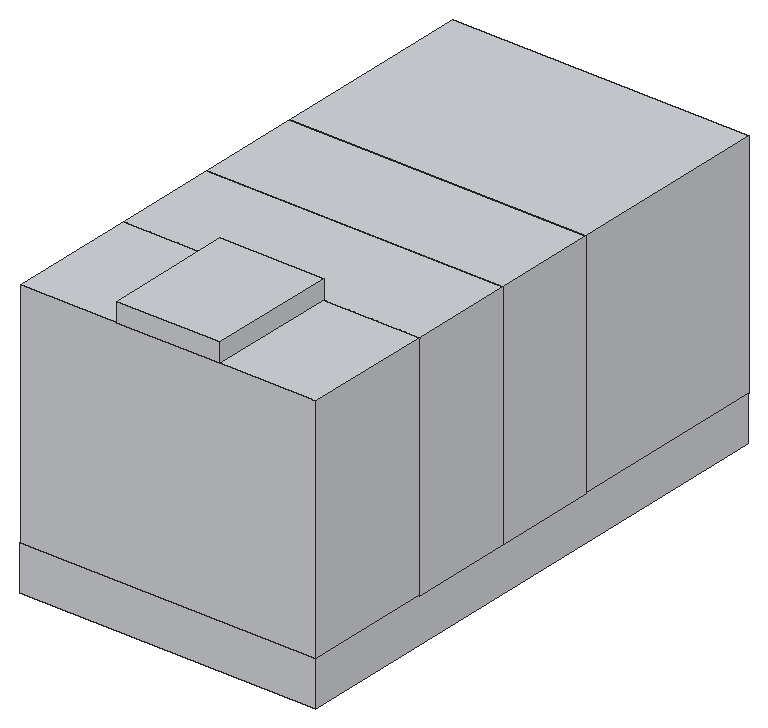
Revit family "AHU Empacotado - HDT", category Equipamento mecânico, Revit 2019
Family settings
  Cota do conector redondo = Usar raio
  Tipo de parte = Normal
  ID de item do Seek = AHU Mixing Box - Economizer-0000-CAN-ENU
  Com base no plano de trabalho = Não
  Sempre na vertical = Sim
  Corte com vazios quando carregada = Não
  Compartilhado = Não
  Ponto de cálculo do ambiente = Não
Parameters (values of type "Padrão")
  Raio da água [instance] = 12.5 mm
  Queda de pressão da água [instance] = 0.0 Pa
  Fluxo da água [instance] = 0.0 L/s
  Diâmetro da água [instance] = Raio da água * 2  # 25 mm
  Altura da conexão de água 2 = Altura da unidade - 100 mm  # 645 mm
  Altura da conexão de água 1 = Altura base + 100 mm  # 220 mm
  Deslocamento 'x' da conexão de água = 100 mm
  Voltagem = 230 V
  Largura de saída do ar de fornecimento = 400 mm
  Altura de saída do ar de fornecimento = 300 mm
  Fluxo de saída do ar de fornecimento [instance] = 850.0 L/s
  Largura da saída do ar de retorno = 280 mm
  Altura da saída do ar de retorno = 350 mm
  Fluxo da saída do ar de retorno [instance] = 680.0 L/s
  Fator de potência = 1
  Deslocamento da largura da torneira = 115 mm
  Deslocamento da altura de saída = 282.661 mm
  Número de pólos = 1
  Classificação de carga = Refrigeração
  Largura da entrada de ar fresco = 500 mm
  Altura da entrada de ar fresco = 500 mm
  Fluxo da entrada de ar fresco [instance] = 170.0 L/s
  Comprimento da caixa de mistura = 350 mm
  Material da caixa de mistura = none
  Largura da unidade = 800 mm
  Altura da unidade = 745 mm
  Comprimento do filtro = 280 mm
  Comprimento do ventilador = 550 mm
  Raio da drenagem [instance] = 11 mm
  Fluxo da drenagem [instance] = 0.0 L/s
  Diâmetro da drenagem [instance] = Raio da drenagem * 2  # 22 mm
  Comprimento da serpentina = 280 mm
  Material base = none
  Altura base = 120 mm
  Carga aparente = 16000 VA
  Queda de pressão do ar [instance] = 187.0 Pa
Reference planes
  plane 1 "Parte frontal": y = 0
  plane 2 "Inferior": z = 0
  plane 3 "Centro (direita/esquerda)": x = 0
  plane 4 "Traseira da caixa de mistura": y = 350
  plane 5 "Esquerda": x = -400
  plane 6 "Direita": x = 400
  plane 7 "Superior": z = 745
  plane 8: y = 350
  plane 9: x = -140
  plane 10: x = 140
  plane 11: y = 0
  plane 12 "Torneira de retorno de ar": z = 795.8
  plane 13 "Base": z = 120
  plane 14 "Traseira do saco de filtro": y = 630
  plane 15 "Traseira da serpentina de resfriamento": y = 910
  plane 16: y = 770
  plane 17 "Água mecânica 1": z = 220
  plane 18 "Água mecânica 2": z = 645
  plane 19 "Serpentina de água 2": y = 820
  plane 20 "Serpentina de água 1": y = 720
  plane 21 "Conexões da serpentina": x = -425
  plane 22 "Parte posterior": y = 1460
  plane 23: z = 282.661
  plane 24: z = 582.661
  plane 25: x = 285
  plane 26: x = -115
  plane 27 "Torneira de saída": y = 1485
  plane 28 "Conector elétrico": y = 1185
  plane 29 "Centro (Frente/Trás)": y = 730
Forms (mm)
  Extrusion 1, solid, material <- "Material da caixa de mistura"
    sketch origin (0, 0, 0) x (1, 0, 0) y (0, 1, 0)
      loop
        line (-400, 350) -> (-400, 0) -> (400, 0) -> (400, 350) -> (-400, 350)
    from 120 to 745
  Extrusion 2, solid, material <- "Material da caixa de mistura"
    sketch origin (0, 0, 0) x (1, 0, 0) y (0, 1, 0)
      loop
        line (-140, 350) -> (-140, 0) -> (140, 0) -> (140, 350) -> (-140, 350)
    from 745 to 795.8
  Extrusion 3, solid, material <- "Material da caixa de mistura"
    sketch origin (0, 320, 0) x (1, 0, 0) y (0, 1, 0)
      loop
        line (-400, 310) -> (-400, 30) -> (400, 30) -> (400, 310) -> (-400, 310)
    from 120 to 745
  Extrusion 4, solid, material <- "Material da caixa de mistura"
    sketch origin (-40, 855, 0) x (1, 0, 0) y (0, 1, 0)
      loop
        line (-360, 55) -> (-360, -225) -> (440, -225) -> (440, 55) -> (-360, 55)
    from 120 to 745
  Extrusion 5, solid, material <- "Material da caixa de mistura"
    sketch origin (-400, 0, 0) x (0, 1, 0) y (0, 0, 1)
      loop
        circle (770, 120) r 11
    from 0 to -25
  Extrusion 6, solid, material <- "Material da caixa de mistura"
    sketch origin (-400, 0, 0) x (0, 1, 0) y (0, 0, 1)
      loop
        circle (720, 220) r 12.5
      loop
        circle (820, 645) r 12.5
    from 0 to -25
  Extrusion 7, solid, material <- "Material da caixa de mistura"
    sketch origin (-40, 1770, 0) x (1, 0, 0) y (0, 1, 0)
      loop
        line (-360, -310) -> (-360, -860) -> (440, -860) -> (440, -310) -> (-360, -310)
    from 120 to 745
  Extrusion 8, solid, material <- "Material da caixa de mistura"
    sketch origin (0, 1460, 0) x (-1, 0, 0) y (0, 0, 1)
      loop
        line (-285, 582.661) -> (-285, 282.661) -> (115, 282.661) -> (115, 582.661) -> (-285, 582.661)
    from 0 to 25
  Extrusion 9, solid, material <- "Material da caixa de mistura"
    sketch origin (-400, 0, 0) x (0, 1, 0) y (0, 0, 1)
      loop
        circle (1185, 120) r 10
    from 0 to -10
  Extrusion 10, solid, material <- "Material base"
    sketch origin (0, 0, 0) x (1, 0, 0) y (0, 1, 0)
      loop
        line (-400, 1460) -> (-400, 0) -> (400, 0) -> (400, 1460) -> (-400, 1460)
    from 0 to 120
Dimensions and locks
  equal spacing: plane 5 "Esquerda", plane 3 "Centro (direita/esquerda)", plane 6 "Direita"
  "Largura da unidade": plane 5 "Esquerda" to plane 6 "Direita"
  "Comprimento da caixa de mistura": plane 1 "Parte frontal" to plane 4 "Traseira da caixa de mistura"
  "Altura da unidade": plane 7 "Superior" to plane 2 "Inferior"
  equal spacing: plane 9, plane 3 "Centro (direita/esquerda)", plane 10
  "Largura da saída do ar de retorno": plane 9 to plane 10
  "Altura da saída do ar de retorno": plane 8 to plane 11
  locked: plane 12 "Torneira de retorno de ar" to plane 7 "Superior" at 50.8
  "Altura base": plane 13 "Base" to plane 2 "Inferior"
  "Comprimento do filtro": plane 14 "Traseira do saco de filtro" to plane 4 "Traseira da caixa de mistura"
  "Comprimento da serpentina": plane 15 "Traseira da serpentina de resfriamento" to plane 14 "Traseira do saco de filtro"
  equal spacing: plane 15 "Traseira da serpentina de resfriamento", plane 16, plane 14 "Traseira do saco de filtro"
  "Altura da conexão de água 1": plane 17 "Água mecânica 1" to plane 2 "Inferior"
  equal spacing: plane 19 "Serpentina de água 2", plane 16, plane 20 "Serpentina de água 1"
  "Deslocamento 'x' da conexão de água": plane 19 "Serpentina de água 2" to plane 20 "Serpentina de água 1"
  "Altura da conexão de água 2": plane 18 "Água mecânica 2" to plane 2 "Inferior"
  plane 21 "Conexões da serpentina" to plane 5 "Esquerda" = 25 mm
  "Comprimento do ventilador": plane 22 "Parte posterior" to plane 15 "Traseira da serpentina de resfriamento"
  "Altura de saída do ar de fornecimento": plane 23 to plane 24
  "Largura de saída do ar de fornecimento": plane 25 to plane 26
  "Deslocamento da largura da torneira": plane 6 "Direita" to plane 25
  "Deslocamento da altura de saída": plane 2 "Inferior" to plane 23
  locked: plane 27 "Torneira de saída" to plane 22 "Parte posterior" at 25
  equal spacing: plane 22 "Parte posterior", plane 28 "Conector elétrico", plane 15 "Traseira da serpentina de resfriamento"
  equal spacing: plane 22 "Parte posterior", plane 29 "Centro (Frente/Trás)", plane 1 "Parte frontal"
  "Raio da drenagem": radius of Extrusion 5 sketch curve
  "Raio da água": radius of Extrusion 6 sketch curve  (x2)
  aligned and locked: plane 5 "Esquerda" to Extrusion 1 sketch curve
  aligned and locked: Extrusion 1 sketch curve to plane 4 "Traseira da caixa de mistura"
  aligned and locked: plane 1 "Parte frontal" to Extrusion 1 sketch curve
  aligned and locked: Extrusion 1 sketch curve to plane 6 "Direita"
  aligned and locked: plane 7 "Superior" to Extrusion 1
  aligned and locked: plane 9 to Extrusion 2 sketch curve
  aligned and locked: Extrusion 2 sketch curve to plane 8
  aligned and locked: plane 11 to Extrusion 2 sketch curve
  aligned and locked: Extrusion 2 sketch curve to plane 10
  aligned and locked: plane 12 "Torneira de retorno de ar" to Extrusion 2
  aligned and locked: Extrusion 2 to plane 7 "Superior"
  aligned and locked: Extrusion 3 to plane 5 "Esquerda"
  aligned and locked: plane 6 "Direita" to Extrusion 3
  aligned and locked: Extrusion 3 to plane 4 "Traseira da caixa de mistura"
  aligned and locked: plane 14 "Traseira do saco de filtro" to Extrusion 3
  aligned and locked: Extrusion 4 to plane 14 "Traseira do saco de filtro"
  aligned and locked: plane 7 "Superior" to Extrusion 4
  aligned and locked: plane 15 "Traseira da serpentina de resfriamento" to Extrusion 4
  aligned and locked: Extrusion 4 to plane 5 "Esquerda"
  aligned and locked: plane 6 "Direita" to Extrusion 4
  aligned and locked: plane 16 to Extrusion 5 sketch curve
  aligned and locked: plane 13 "Base" to Extrusion 5 sketch curve
  aligned and locked: plane 20 "Serpentina de água 1" to Extrusion 6 sketch curve
  aligned and locked: plane 17 "Água mecânica 1" to Extrusion 6 sketch curve
  aligned and locked: plane 18 "Água mecânica 2" to Extrusion 6 sketch curve
  aligned and locked: plane 19 "Serpentina de água 2" to Extrusion 6 sketch curve
  aligned and locked: Extrusion 6 to plane 21 "Conexões da serpentina"
  aligned and locked: Extrusion 5 to plane 21 "Conexões da serpentina"
  aligned and locked: Extrusion 7 to plane 15 "Traseira da serpentina de resfriamento"
  aligned and locked: plane 22 "Parte posterior" to Extrusion 7
  aligned and locked: plane 7 "Superior" to Extrusion 7
  aligned and locked: Extrusion 7 to plane 5 "Esquerda"
  aligned and locked: plane 6 "Direita" to Extrusion 7
  aligned and locked: Extrusion 8 to plane 24
  aligned and locked: plane 23 to Extrusion 8
  aligned and locked: Extrusion 8 to plane 26
  aligned and locked: plane 25 to Extrusion 8
  aligned and locked: plane 27 "Torneira de saída" to Extrusion 8
  aligned and locked: plane 28 "Conector elétrico" to Extrusion 9 sketch curve
  aligned and locked: plane 13 "Base" to Extrusion 9 sketch curve
  aligned and locked: plane 4 "Traseira da caixa de mistura" to plane 8
  aligned and locked: plane 7 "Superior" to Extrusion 3
  aligned and locked: Extrusion 3 to plane 13 "Base"
  aligned and locked: Extrusion 4 to plane 13 "Base"
  aligned and locked: Extrusion 7 to plane 13 "Base"
  aligned and locked: plane 13 "Base" to Extrusion 10
  aligned and locked: Extrusion 10 to plane 2 "Inferior"
  aligned and locked: plane 22 "Parte posterior" to Extrusion 10
  aligned and locked: plane 1 "Parte frontal" to Extrusion 10
Automatic sketch dimensions
  Extrusion 3 sketch curve to plane 4 "Traseira da caixa de mistura" = 0 mm
  Extrusion 3 sketch curve to plane 5 "Esquerda" = 0 mm
  Extrusion 3 sketch curve to plane 6 "Direita" = 0 mm
  Extrusion 3 sketch curve to plane 14 "Traseira do saco de filtro" = 0 mm
  Extrusion 4 sketch curve to plane 5 "Esquerda" = 0 mm
  Extrusion 4 sketch curve to plane 6 "Direita" = 0 mm
  Extrusion 4 sketch curve to plane 14 "Traseira do saco de filtro" = 0 mm
  Extrusion 4 sketch curve to plane 15 "Traseira da serpentina de resfriamento" = 0 mm
  Extrusion 7 sketch curve to plane 5 "Esquerda" = 0 mm
  Extrusion 7 sketch curve to plane 6 "Direita" = 0 mm
  Extrusion 7 sketch curve to plane 15 "Traseira da serpentina de resfriamento" = 0 mm
  Extrusion 7 sketch curve to plane 22 "Parte posterior" = 0 mm
  Extrusion 8 sketch curve to plane 23 = 0 mm
  Extrusion 8 sketch curve to plane 25 = 0 mm
  Extrusion 8 sketch curve to plane 26 = 0 mm
  Extrusion 8 sketch curve to plane 24 = 0 mm
  plane 1 "Parte frontal" to Extrusion 10 sketch curve = 0 mm
  Extrusion 10 sketch curve to plane 5 "Esquerda" = 0 mm
  Extrusion 10 sketch curve to plane 6 "Direita" = 0 mm
  plane 4 "Traseira da caixa de mistura" to Extrusion 10 sketch curve = 1110 mm
  radius of Extrusion 9 sketch curve = 10 mm
Connectors
  piping at (-425, 770, 120), diameter 22, driven by "Fluxo da drenagem", driven by "Raio da drenagem"
    settings: on Extrusion 5, index 6, connector inside diameter 22 mm, connector length 0 mm, flow factor 0, pipe flow 0.0 L/s, pressure drop 0.0 Pa, fitting loss kfactor 0, connector angle 0.00°, fixture units 0, engagement length 0 mm, angle of deflection 0.00°, flow configuration 1, flow direction 2, fitting loss method 0, system type 16, joint type 0, gender type 0, connector reference index -1, connector utility 0, adjustable connector yes, is connector primary yes, connector description "Saída da drenagem"
  piping at (-425, 720, 220), diameter 25, driven by "Raio da água", driven by "Queda de pressão da água", driven by "Fluxo da água"
    settings: on Extrusion 6, index 7, connector inside diameter 25 mm, connector length 0 mm, flow factor 0, pipe flow 0.0 L/s, pressure drop 0.0 Pa, fitting loss kfactor 0, connector angle 0.00°, fixture units 0, engagement length 0 mm, angle of deflection 0.00°, flow configuration 1, flow direction 1, fitting loss method 4, system type 7, joint type 0, gender type 0, connector reference index 8, connector utility 0, adjustable connector no, is connector primary no, connector description "Entrada de água resfriada"
  piping at (-425, 820, 645), diameter 25, driven by "Raio da água", driven by "Queda de pressão da água", driven by "Fluxo da água"
    settings: on Extrusion 6, index 8, connector inside diameter 25 mm, connector length 0 mm, flow factor 0, pipe flow 0.0 L/s, pressure drop 0.0 Pa, fitting loss kfactor 0, connector angle 0.00°, fixture units 0, engagement length 0 mm, angle of deflection 0.00°, flow configuration 1, flow direction 2, fitting loss method 4, system type 8, joint type 0, gender type 0, connector reference index 7, connector utility 0, adjustable connector no, is connector primary no, connector description "Saída de água resfriada"
  hvac at (85, 1485, 432.661), driven by "Queda de pressão do ar", driven by "Fluxo de saída do ar de fornecimento", driven by "Altura de saída do ar de fornecimento", driven by "Largura de saída do ar de fornecimento"
    settings: on Extrusion 8, index 9, duct flow 850.0 L/s, flow factor 0, pres drop 187.0 Pa, loss coef 0, conn angle 0.00°, conn width 400 mm, conn height 300 mm, conn diameter 609.6 mm, duct sys type 1, conn prof type 1, flow config 0, flow direction 2, loss method 4, conn ref index 11, conn util no, is conn primary yes, conn desc "Saída de suprimento de ar"
  electrical at (-410, 1185, 120), driven by "Número de pólos", driven by "Classificação de carga", driven by "Voltagem", driven by "Carga aparente", driven by "Fator de potência"
    settings: on Extrusion 9, index 10, voltage 230 V, apparent load 16000 VA, apparent load phase1 0 VA, apparent load phase2 0 VA, apparent load phase3 0 VA, power factor 1, load classification "Refrigeração", number of poles 1, system type 30, power factor state 1, is connector primary yes, connector utility no, sub classification motor no, connector description "Potência"
  hvac at (0, 0, 432.5), driven by "Fluxo da entrada de ar fresco", driven by "Altura da entrada de ar fresco", driven by "Largura da entrada de ar fresco"
    settings: on Extrusion 1, index 11, duct flow 170.0 L/s, flow factor 0, pres drop 0.0 Pa, loss coef 0, conn angle 0.00°, conn width 500 mm, conn height 500 mm, conn diameter 609.6 mm, duct sys type 2, conn prof type 1, flow config 0, flow direction 1, loss method 0, conn ref index 9, conn util no, is conn primary no, conn desc "Entrada de ar fresco"
  hvac at (0, 175, 795.8), driven by "Fluxo da saída do ar de retorno", driven by "Altura da saída do ar de retorno", driven by "Largura da saída do ar de retorno"
    settings: on Extrusion 2, index 12, duct flow 680.0 L/s, flow factor 0, pres drop 0.0 Pa, loss coef 0, conn angle 0.00°, conn width 280 mm, conn height 350 mm, conn diameter 609.6 mm, duct sys type 2, conn prof type 1, flow config 0, flow direction 1, loss method 0, conn ref index -1, conn util no, is conn primary no, conn desc "Entrada de retorno de ar"
Types in the file's own list only (18): name | Altura da conexão de água 2 | Largura de saída do ar de fornecimento | Altura de saída do ar de fornecimento | Largura da saída do ar de retorno | Altura da saída do ar de retorno | Deslocamento da largura da torneira | Deslocamento da altura de saída | Largura da entrada de ar fresco | Altura da entrada de ar fresco | Comprimento da caixa de mistura | Largura da unidade | Altura da unidade | Comprimento do filtro | Comprimento do ventilador | Comprimento da serpentina
  Para 0.24 metros quadrados de serpentina | 645 mm | 242 mm | 249 mm | 700 mm | 350 mm | 115 mm | 372 mm | 700 mm | 350 mm | 350 mm | 800 mm | 745 mm | 700 mm | 1325 mm | 350 mm
  Para 0.31 metros quadrados de serpentina | 645 mm | 242 mm | 275 mm | 875 mm | 350 mm | 202 mm | 376 mm | 875 mm | 350 mm | 350 mm | 975 mm | 745 mm | 700 mm | 1325 mm | 350 mm
  Para 0.47 metros quadrados de serpentina | 645 mm | 242 mm | 275 mm | 1225 mm | 350 mm | 377 mm | 376 mm | 1225 mm | 350 mm | 350 mm | 1325 mm | 745 mm | 700 mm | 1325 mm | 350 mm
  Para 0.67 metros quadrados de serpentina | 820 mm | 417 mm | 417 mm | 1225 mm | 350 mm | 264 mm | 410 mm | 1225 mm | 350 mm | 350 mm | 1325 mm | 920 mm | 700 mm | 1500 mm | 350 mm
  Para 0.78 metros quadrados de serpentina | 820 mm | 417 mm | 417 mm | 1400 mm | 350 mm | 351 mm | 410 mm | 1400 mm | 350 mm | 350 mm | 1500 mm | 920 mm | 700 mm | 1675 mm | 350 mm
  Para 0.98 metros quadrados de serpentina | 995 mm | 466 mm | 466 mm | 1400 mm | 525 mm | 326 mm | 445 mm | 1400 mm | 525 mm | 525 mm | 1500 mm | 1095 mm | 700 mm | 1675 mm | 350 mm
  Para 1.13 metros quadrados de serpentina | 995 mm | 466 mm | 466 mm | 1575 mm | 525 mm | 362 mm | 445 mm | 1575 mm | 525 mm | 525 mm | 1675 mm | 1095 mm | 700 mm | 1850 mm | 350 mm
  Para 1.57 metros quadrados de serpentina | 1170 mm | 651 mm | 651 mm | 1575 mm | 700 mm | 329 mm | 526 mm | 1575 mm | 700 mm | 525 mm | 1850 mm | 1270 mm | 700 mm | 2025 mm | 350 mm
  Para 1.88 metros quadrados de serpentina | 1520 mm | 651 mm | 651 mm | 1750 mm | 525 mm | 359 mm | 526 mm | 1750 mm | 525 mm | 700 mm | 1675 mm | 1620 mm | 700 mm | 2025 mm | 350 mm
  Para 2.12 metros quadrados de serpentina | 1520 mm | 651 mm | 651 mm | 1750 mm | 700 mm | 359 mm | 526 mm | 1750 mm | 700 mm | 700 mm | 1850 mm | 1620 mm | 700 mm | 2025 mm | 350 mm
  Para 2.44 metros quadrados de serpentina | 1695 mm | 728 mm | 728 mm | 1925 mm | 875 mm | 383 mm | 660 mm | 1925 mm | 875 mm | 875 mm | 2025 mm | 1795 mm | 700 mm | 2200 mm | 350 mm
  Para 2.88 metros quadrados de serpentina | 1870 mm | 728 mm | 728 mm | 1925 mm | 875 mm | 383 mm | 660 mm | 1925 mm | 875 mm | 875 mm | 2025 mm | 1970 mm | 700 mm | 2200 mm | 350 mm
  Para 3.17 metros quadrados de serpentina | 1870 mm | 911 mm | 911 mm | 2100 mm | 875 mm | 460 mm | 756 mm | 2100 mm | 875 mm | 875 mm | 2200 mm | 1970 mm | 700 mm | 2550 mm | 350 mm
  Para 3.46 metros quadrados de serpentina | 1870 mm | 911 mm | 911 mm | 2275 mm | 875 mm | 420 mm | 756 mm | 2275 mm | 875 mm | 875 mm | 2375 mm | 1970 mm | 700 mm | 2550 mm | 350 mm
  Para 3.86 metros quadrados de serpentina | 2045 mm | 911 mm | 911 mm | 2275 mm | 1050 mm | 732 mm | 756 mm | 2275 mm | 1050 mm | 1050 mm | 2375 mm | 2145 mm | 700 mm | 2550 mm | 350 mm
  Para 4.19 metros quadrados de serpentina | 2220 mm | 1020 mm | 1020 mm | 2275 mm | 1050 mm | 678 mm | 802 mm | 2275 mm | 1050 mm | 1050 mm | 2375 mm | 2320 mm | 700 mm | 2550 mm | 350 mm
  Para 5.25 metros quadrados de serpentina | 2220 mm | 1020 mm | 1020 mm | 2800 mm | 1050 mm | 940 mm | 802 mm | 2800 mm | 1050 mm | 1050 mm | 2900 mm | 2320 mm | 700 mm | 2725 mm | 350 mm
  Para 6.16 metros quadrados de serpentina | 2570 mm | 1020 mm | 1020 mm | 2800 mm | 1225 mm | 940 mm | 802 mm | 2800 mm | 1225 mm | 1225 mm | 2900 mm | 2670 mm | 700 mm | 2725 mm | 350 mm
